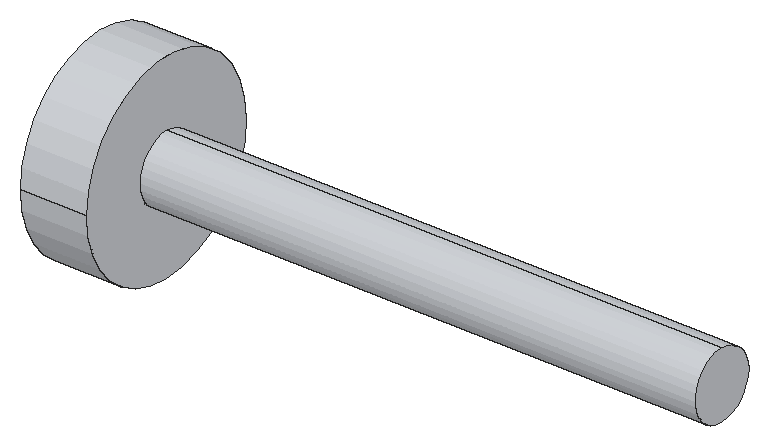
Revit family "Перемычки - Анкер", category Каркас несущий, Revit 2021
Family settings
  Форма сечения = Не задано
  Материал для поведения модели = Прочее
  Всегда экспортировать в виде геометрии = Нет
  Номер OmniClass = 23.25.30.21.14
  Заголовок OmniClass = Trussed Beams and Joists
  На основе рабочей плоскости = Нет
  Всегда вертикально = Да
  При загрузке вырезать с полостями = Да
  Условное обозначение = Из семейства
  Общий = Да
  Показывать семейство разрезанным на планах = Да
Parameters (values of type "Анкер-шпилька HSAхМ8х75")
  Сталь по настоящему стандарту = ""
  Описание = "Анкера"  # constant formula
  Обозначение стандарта на сортамент = ""
  Обозначение = ""
  Наименование = "Анкер-шпилька HSAхМ8х75"
  Масса = 0.00 kg
  Группа модели = "Элементы перемычек"  # constant formula
  t_Толщина = 8 mm
  b_Ширина = 12 mm
  Lookup = ""
  L_Длина = 75 mm
Reference planes
  plane 1: z = 0
  plane 2 "По центру (Влево/Вправо)": x = 0
  plane 3: x = 75
  plane 4: y = -5.4
  plane 5: x = 8
Forms (mm)
  Sweep 1, solid
    path origin (0, -5.4, -1.174) x (1, 0, 0) y (0, 0, 1)
      loop
        line (75, 1.174) -> (0, 1.174)
    profile origin (37.5, -5.4, 0) x (0, 0, -1) y (0, -1, 0)
      loop
        circle (0, 0) r 4
  Extrusion 2, solid
    sketch origin (0, -5.4, 0) x (0, -1, 0) y (0, 0, 1)
      loop
        circle (0, 0) r 4
      loop
        circle (0, 0) r 12
    from -8 to 0
Dimensions and locks
  plane 2 "По центру (Влево/Вправо)" to plane 3 = 75 mm
  "L_Длина": plane 2 "По центру (Влево/Вправо)" to plane 3
  plane 2 "По центру (Влево/Вправо)" to plane 5 = 8 mm
  "t_Толщина": diameter of Sweep 1 sketch curve
  "t_Толщина": diameter of Extrusion 2 sketch curve
  "b_Ширина": radius of Extrusion 2 sketch curve
  aligned and locked: plane 1 to level
  aligned and locked: Sweep 1 sketch curve to plane 1
  aligned and locked: plane 2 "По центру (Влево/Вправо)" to Sweep 1 sketch curve
  aligned and locked: plane 3 to Sweep 1 sketch curve
  aligned and locked: plane 5 to Extrusion 2
  aligned and locked: Extrusion 2 to plane 2 "По центру (Влево/Вправо)"
Automatic sketch dimensions
  Sweep 1 sketch curve to plane 4 = 0 mm
  Sweep 1 sketch curve to profile plane = 0 mm
  Extrusion 2 sketch curve to Extrusion 2 sketch curve = 0 mm  (x4)
